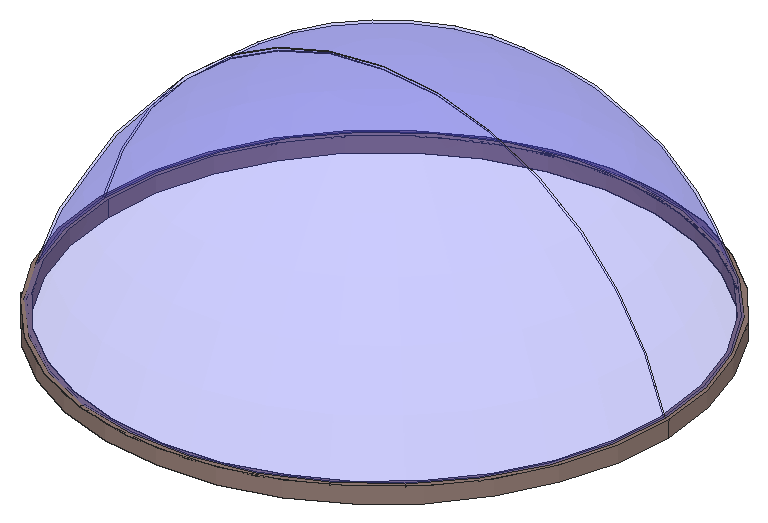
Revit family "495d0b5a37a54bd69ad8fcae2f56991a", category Windows, host Roof, Revit 2019
Family settings
  Host = Roof
  OmniClass Number = 23.30.30.14.11
  OmniClass Title = Domed Unit Skylights
  Always vertical = No
  Cut with Voids When Loaded = No
  Shared = No
  Room Calculation Point = No
Parameters (values of type "36" Diameter")
  Visual Light Transmittance = 0.9
  Thermal Resistance (R) = 0.9899 (h·ft²·°F)/BTU
  Solar Heat Gain Coefficient = 0.86
  Roof Thickness [instance] = 0' - 6"
  Radius = 3' - 0"
  Outer Radius = Radius / sin(Angle)  # 3' - 1.26994"
  Length 5 = 0' 0 3/8" + Length 1  # 3' - 0 3/8"
  Length 4 = Outer Radius * sin(Angle) - sqrt((Inner Radius ^ 2) + (Outer Radius * sin(Angle)) ^ 2 - (Outer Radius ^ 2))  # 0' - 0.25888"
  Length 3 = Outer Radius * cos(Angle)  # 0' - 9.64617"
  Length 2 = Length 1 - Length 4 - 0' 0 3/8"  # 2' - 11.36612"
  Length 1 = Radius  # 3' - 0"
  Inner Radius = Outer Radius - 0' 0 1/4"  # 3' - 1.01994"
  Heat Transfer Coefficient (U) = 1.0102 BTU/(h·ft²·°F)
  Glass Panel Material = Glass
  Frame Material = Metal - Bronze, Light Brush
  Fire Rating = "0.5h"
  Assembly Code = "B2020100"
  Angle = 75.00°
  Analytic Construction = "Single-glazed windows - domestic"
Types (5): name | Radius | Outer Radius | Length 5 | Length 4 | Length 3 | Length 2 | Length 1 | Inner Radius
  (no name) | 3' - 0" | 3' - 1.26994" | 3' - 0 3/8" | 0' - 0.25888" | 0' - 9.64617" | 2' - 11.36612" | 3' - 0" | 3' - 1.01994"
  24" Diameter | 2' - 0" | 2' - 0.84663" | 2' - 0 3/8" | 0' - 0.25891" | 0' - 6.43078" | 1' - 11.36609" | 2' - 0" | 2' - 0.59663"
  36" Diameter | 3' - 0" | 3' - 1.26994" | 3' - 0 3/8" | 0' - 0.25888" | 0' - 9.64617" | 2' - 11.36612" | 3' - 0" | 3' - 1.01994"
  48" Diameter | 4' - 0" | 4' - 1.69326" | 4' - 0 3/8" | 0' - 0.25887" | 1' - 0.86156" | 3' - 11.36613" | 4' - 0" | 4' - 1.44326"
  60" Diameter | 5' - 0" | 5' - 2.11657" | 5' - 0 3/8" | 0' - 0.25886" | 1' - 4.07695" | 4' - 11.36614" | 5' - 0" | 5' - 1.86657"
Values of the unnamed type that differ from the named types
  Thermal Resistance (R) = 0.17433 m²·K/W
  Heat Transfer Coefficient (U) = 5.7362 W/(m²·K)
Reference planes (in)
  plane 1 "Center (Front/Back)": y = 0
  plane 2 "Roof": z = 144
  plane 3 "Center (Left/Right)": x = 0
  plane 4: x = -35.74112
  plane 5: x = 35.74112
  plane 6: x = -36
  plane 7: x = 36
  plane 8: z = 150
  plane 9 "Arc Center": z = 142.35383
  plane 10: z = 152
Forms (in)
  Extrusion 1, void
    sketch origin (0, 0, 144) x (1, 0, 0) y (0, 1, 0)
      loop
        circle (0, 0) r 36
    from 0 to 6
  Revolve 2, solid
    sketch origin (0, 0, 0) x (1, 0, 0) y (0, 0, 1)
      loop
        arc (-35.74112, 152) -> (-22.50188, 171.72668) -> (0, 179.34798) r 37.02905
        line (0, 179.34798) -> (0, 179.62377)
        arc (0, 179.62377) -> (-22.6885, 171.92206) -> (-36, 152) r 37.26994
        line (-36, 152) -> (-35.74112, 152)
      axis (0, 179.62377) -> (0, 152)
    angle from 0 to 360
  Extrusion 3, solid, material "Metal - Bronze, Light Brush" <- "Frame Material"
    sketch origin (0, 0, 144) x (1, 0, 0) y (0, 1, 0)
      loop
        circle (0, 0) r 36.375
      loop
        circle (0, 0) r 35.36612
    from 6 to 8
Dimensions and locks (in)
  equal spacing: host sketch curve, plane 3 "Center (Left/Right)", host sketch curve
  equal spacing: host sketch curve, plane 1 "Center (Front/Back)", host sketch curve
  "Length 1": plane 6 to plane 3 "Center (Left/Right)"
  "Length 4": plane 6 to plane 4
  "Length 1": plane 3 "Center (Left/Right)" to plane 7
  "Length 4": plane 5 to plane 7
  "Roof Thickness": plane 8 to plane 2 "Roof"
  locked: plane 10 to plane 8 at 2
  "Length 3": plane 10 to plane 9 "Arc Center"
  "Length 1": radius of Extrusion 1 sketch curve
  "Length 5": radius of Extrusion 3 sketch curve
  "Length 2": radius of Extrusion 3 sketch curve
  aligned and locked: plane 2 "Roof" to level
  aligned and locked: plane 1 "Center (Front/Back)" to Extrusion 1 sketch curve
  aligned and locked: plane 3 "Center (Left/Right)" to Extrusion 1 sketch curve
  aligned and locked: host roof to Extrusion 1
  aligned and locked: Extrusion 1 to plane 2 "Roof"
  aligned and locked: plane 8 to host roof
  aligned and locked: plane 10 to Revolve 2 sketch curve
  aligned and locked: plane 4 to Revolve 2 sketch curve
  aligned and locked: plane 3 "Center (Left/Right)" to Revolve 2 sketch curve  (x3)
  aligned and locked: Revolve 2 sketch curve to plane 3 "Center (Left/Right)"  (x2)
  aligned and locked: plane 10 to Extrusion 3
  aligned and locked: Extrusion 3 to plane 8
  aligned and locked: plane 9 "Arc Center" to Revolve 2 sketch curve
  aligned and locked: Revolve 2 sketch curve to plane 10
Automatic sketch dimensions
  Revolve 2 sketch curve to plane 6 = 0' - 0"
  Revolve 2 sketch curve to Revolve 2 sketch curve = 0' - 0.03491"
  Revolve 2 sketch curve to plane 2 "Roof" = 2' - 7.3139"
  Revolve 2 sketch curve to Revolve 2 sketch curve = 0' - 5.77899"
  Extrusion 3 sketch curve to Extrusion 3 sketch curve = 0' - 0"  (x2)
  plane 1 "Center (Front/Back)" to Extrusion 3 sketch curve = 0' - 0"
  Extrusion 3 sketch curve to plane 3 "Center (Left/Right)" = 0' - 0"
